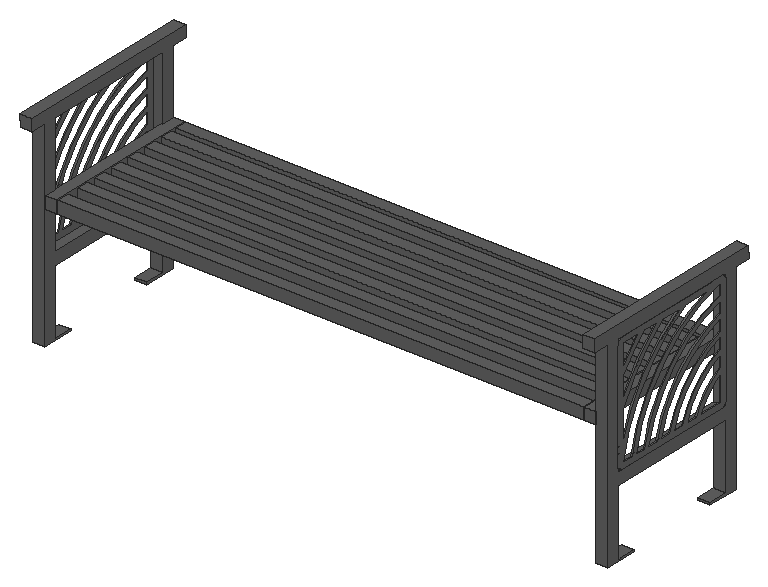
Revit family
Parameters (values of type "JC1-1100")
  URL = "http://www.sitescapesonline.com/index.asp"
  Type Comments = "Backless Bench"
  Side Panel Width = Length  # 6' - 0"
  Seat Panel Width = if(1 = 1, Length - 0' 6", 1' 0")  # 5' - 6"
  Product Page URL = "http://www.sitescapesonline.com/jordancreek-JC1-1100.asp"
  Product Documentation Link = "http://www.sitescapesonline.com/PDF/JC1-1100%20-%20Customer%20Print.pdf"
  Panel Seat Width = if(1 = 1, Length - 0' 6", 1' 0")  # 5' - 6"
  Panel Back Width = 5' - 7"
  Model = "JC1-1100"
  Manufacturer = "SiteScapes Inc."  # constant formula
  Length = 6' - 0"
  Height = 2' - 2 1/2"  # constant formula
  Frame Width = 5' - 9"
  Bench Material = Steel - SiteScapes - Powder Coat - Onyx
  Description = "Jordan Creek Pattern, Backless Bench, Six foot length, Steel Bar Ends"
  Depth = 2' - 0"  # constant formula
  Copyright © = "2010 SiteScapes Inc."  # constant formula
  Assembly Code = ""
  03 Seat Panel = Panel-Seat-SiteScapes-Square Tube : Square_Tube_Seat-6ft
Reference planes (in)
  plane 1 "Center Front/Back": y = 0
  plane 2 "Original Bottom": z = 0
  plane 3 "Center Left/Right": x = 0
  plane 4 "Left": x = -36
  plane 5 "Right": x = 36
  plane 6 "Side Panel Width L": x = -34.5
  plane 7 "Side Panel Width R": x = 34.5
  plane 8 "Front": y = -24
  plane 9 "Frame Side Origin F/B": y = 0
  plane 10 "Frame Side Origin T/B": z = 0
  plane 11 "Frame Back Origin F/B": y = 0
  plane 12 "Frame Back Origin T/B": z = 0
  plane 13 "Bracing Origin F/B": y = -22.0625
  plane 14 "Bracing Origin T/B": z = 17
  plane 15 "Panel Seat Origin F/B": y = -22
  plane 16 "Panel Seat Origin T/B": z = 17
  plane 17 "Panel Back Origin F/B": y = 0
  plane 18 "Panel Back Origin T/B": z = 0
  plane 19 "Panel Side Origin F/B": y = -3.5
  plane 20 "Panel Side Origin T/B": z = 10
  plane 21 "Top": z = 26.5
  plane 22 "Side Panel Right": x = 36
  plane 23 "Side Panel Left": x = -36
  plane 24 "Arm Rest Origin T/B": z = 0
  plane 25 "Arm Rest Origin F/B": y = -4.75
Dimensions and locks (in)
  equal spacing: plane 4 "Left", plane 3 "Center Left/Right", plane 5 "Right"
  "Length": plane 4 "Left" to plane 5 "Right"
  locked: plane 23 "Side Panel Left" to plane 6 "Side Panel Width L" at 1.5
  locked: plane 7 "Side Panel Width R" to plane 22 "Side Panel Right" at 1.5
  locked: plane 9 "Frame Side Origin F/B" to plane 1 "Center Front/Back" at 0
  locked: plane 17 "Panel Back Origin F/B" to plane 1 "Center Front/Back"
  locked: plane 11 "Frame Back Origin F/B" to plane 1 "Center Front/Back"
  locked: plane 19 "Panel Side Origin F/B" to plane 1 "Center Front/Back" at 3.5
  locked: plane 13 "Bracing Origin F/B" to plane 1 "Center Front/Back" at 22.0625
  locked: plane 15 "Panel Seat Origin F/B" to plane 1 "Center Front/Back" at 22
  "Depth": plane 8 "Front" to plane 1 "Center Front/Back"
  locked: plane 10 "Frame Side Origin T/B" to plane 2 "Original Bottom"
  locked: plane 12 "Frame Back Origin T/B" to plane 2 "Original Bottom"
  locked: plane 18 "Panel Back Origin T/B" to plane 2 "Original Bottom"
  locked: plane 14 "Bracing Origin T/B" to plane 2 "Original Bottom" at 17
  locked: plane 20 "Panel Side Origin T/B" to plane 2 "Original Bottom" at 10
  locked: plane 16 "Panel Seat Origin T/B" to plane 2 "Original Bottom" at 17
  "Height": plane 21 "Top" to plane 2 "Original Bottom"
  "Side Panel Width": plane 23 "Side Panel Left" to plane 22 "Side Panel Right"
  locked: plane 24 "Arm Rest Origin T/B" to plane 2 "Original Bottom"
  aligned and locked: level to plane 2 "Original Bottom"
  aligned: nested 1 to plane 5 "Right"
  aligned: plane 4 "Left" to nested 2
  aligned: nested 1 to plane 10 "Frame Side Origin T/B"
  aligned: nested 1 to plane 9 "Frame Side Origin F/B"
  aligned: plane 10 "Frame Side Origin T/B" to nested 1
  aligned and locked: nested 1 to plane 22 "Side Panel Right"
  aligned and locked: plane 23 "Side Panel Left" to nested 2
  aligned and locked: plane 20 "Panel Side Origin T/B" to nested 3
  aligned and locked: nested 3 to plane 19 "Panel Side Origin F/B"
  aligned and locked: nested 4 to plane 19 "Panel Side Origin F/B"
  aligned and locked: plane 20 "Panel Side Origin T/B" to nested 4
  aligned and locked: plane 23 "Side Panel Left" to nested 4
  aligned and locked: nested 3 to plane 22 "Side Panel Right"
  aligned and locked: plane 10 "Frame Side Origin T/B" to nested 2
  aligned and locked: nested 1 to plane 9 "Frame Side Origin F/B"
  aligned and locked: plane 10 "Frame Side Origin T/B" to nested 1
  aligned and locked: nested 2 to plane 9 "Frame Side Origin F/B"
  aligned and locked: plane 23 "Side Panel Left" to plane 4 "Left"
  aligned and locked: plane 3 "Center Left/Right" to nested 5
  aligned and locked: plane 16 "Panel Seat Origin T/B" to nested 5
  aligned and locked: nested 5 to plane 15 "Panel Seat Origin F/B"
Nested families (in)
  nested 1: "Frame-Side-SiteScapes-Backless_Wall_Steel_Tubing" at (35.25, 0, 0), type "24"x26 1/2""
    with Width 0' - 1 1/2"
  nested 2: "Frame-Side-SiteScapes-Backless_Wall_Steel_Tubing" at (-35.25, 0, 0), type "24"x26 1/2""
    with Width 0' - 1 1/2"
  nested 3: "Panel-Side-SiteScapes-Backless_Steel_Sheet_Metal_JC" at (35.90625, -3.5, 10), type "1' 8 3/4"x9 1/4""
  nested 4: "Panel-Side-SiteScapes-Backless_Steel_Sheet_Metal_JC" at (-35.90625, -3.5, 10), type "1' 8 3/4"x9 1/4""
  nested 5: "Panel-Seat-SiteScapes-Square Tube" at (0, -1.93572, 15.5), type <- "03 Seat Panel", type "Square_Tube_Seat-6ft"
    with Has Support Bars yes
Definition of nested family "Frame-Side-SiteScapes-Backless_Wall_Steel_Tubing"
  Parameters (values of type "24"x26 1/2"")
    Width = 0' - 1"
    URL = "http://www.sitescapesonline.com/index.asp"
    Product Page URL = ""
    Product Documentation Link = ""
    Material = none
    Manufacturer = "SiteScapes Inc."  # constant formula
    Legs Inset = 0' - 2"
    Frame Back Height = 2' - 9 7/8"
    Depth = 2' - 0"
    Copyright © = "2010 SiteScapes Inc."  # constant formula
    Bracing Height Inset = 0' - 10"
    Arm Rest Height = 2' - 2 1/2"
  Reference planes (in)
    plane 1 "Center (Front/Back)": y = 0
    plane 2 "Original Bottom": z = 0
    plane 3 "Center (Left/Right)": x = 0
    plane 4 "Left": x = -0.5
    plane 5 "Right": x = 0.5
    plane 6 "Right Offset": x = 0.75
    plane 7 "Left Offset": x = -0.75
    plane 8 "Bottom Base": z = 0.25
    plane 9 "Back Inset": y = -2
    plane 10 "Front": y = -24
    plane 11 "Front Inset": y = -22
    plane 12: z = 26.5
    plane 13: z = 10
    plane 14 "Leg Width Right": y = -3.5
    plane 15 "Leg Width Left": y = -20.5
    plane 16 "Frame Width Top": z = 25
    plane 17 "Bracing Width Bottom": z = 8.5
    plane 18 "Base Left": y = -18
    plane 19 "Base Rigght": y = -6
  Forms (in)
    Sweep 1, solid, material <- "Material", detail levels medium+fine
      path origin (0, 0, 0) x (1, 0, 0) y (0, 0, 1)
        loop
          line (0.5, 33.875) -> (-0.5, 33.875)
      profile origin (0, 0, 33.875) x (0, 0, -1) y (0, -1, 0)
        loop
          line (7.375, 0) -> (8.875, 0) -> (8.875, 2) -> (33.625, 2) -> (33.875, 2) -> (33.875, 6) -> (33.625, 6) -> (33.625, 3.5) -> (25.375, 3.5) -> (25.375, 20.5) -> (33.625, 20.5) -> (33.625, 18) -> (33.875, 18) -> (33.875, 22) -> (33.625, 22) -> (8.875, 22) -> (8.875, 24) -> (7.375, 24) -> (7.375, 0)
        loop
          line (23.875, 3.5) -> (23.875, 20.5) -> (8.875, 20.5) -> (8.875, 3.5) -> (23.875, 3.5)
  Lines and regions (in)
    Masking region 1, detail levels medium+fine
      outline origin (0, -27.75, 0) x (-1, 0, 0) y (0, 0, 1)
        loop
          line (0.5, 0) -> (0.5, 26.5) -> (-0.5, 26.5) -> (-0.5, 0) -> (0.5, 0)
    Masking region 2, detail levels medium+fine
      outline origin (0, 0, 0) x (0, 1, 0) y (0, 0, 1)
        loop
          line (-2, 0) -> (-2, 25) -> (0, 25) -> (0, 26.5) -> (-24, 26.5) -> (-24, 26.25) -> (-24, 25.25) -> (-24, 25) -> (-22, 25) -> (-22, 0) -> (-18, 0) -> (-18, 0.25) -> (-20.5, 0.25) -> (-20.5, 8.5) -> (-3.5, 8.5) -> (-3.5, 0.25) -> (-6, 0.25) -> (-6, 0) -> (-2, 0)
        loop
          line (-20.5, 25) -> (-20.5, 10) -> (-3.5, 10) -> (-3.5, 25) -> (-20.5, 25)
    Masking region 3, detail levels medium+fine
      outline origin (0, 0, 0) x (1, 0, 0) y (0, 1, 0)
        loop
          line (-0.5, 0) -> (-0.5, -24) -> (0.5, -24) -> (0.5, 0) -> (-0.5, 0)
    model lines, style "Bench Frame", detail levels coarse
      curve 1: line (0, -22, 26.5) -> (0, -22, 0)
      curve 2: line (0, -2, 0) -> (0, -2, 26.5)
      curve 3: line (0, -24, 26.5) -> (0, 0, 26.5)
      curve 4: line (0, -2, 10) -> (0, -22, 10)
  Dimensions and locks (in)
    equal spacing: plane 4 "Left", plane 3 "Center (Left/Right)", plane 5 "Right"
    "Width": plane 4 "Left" to plane 5 "Right"
    locked: plane 5 "Right" to plane 6 "Right Offset" at 0.25
    locked: plane 7 "Left Offset" to plane 4 "Left" at 0.25
    locked: plane 8 "Bottom Base" to plane 2 "Original Bottom" at 0.25
    "Arm Rest Height": plane 12 to plane 2 "Original Bottom"
    "Bracing Height Inset": plane 13 to plane 2 "Original Bottom"
    "Legs Inset": plane 10 "Front" to plane 11 "Front Inset"
    "Legs Inset": plane 9 "Back Inset" to plane 1 "Center (Front/Back)"
    "Depth": plane 10 "Front" to plane 1 "Center (Front/Back)"
    locked: plane 14 "Leg Width Right" to plane 9 "Back Inset" at 1.5
    locked: plane 11 "Front Inset" to plane 15 "Leg Width Left" at 1.5
    locked: plane 12 to plane 16 "Frame Width Top" at 1.5
    locked: plane 13 to plane 17 "Bracing Width Bottom" at 1.5
    locked: plane 11 "Front Inset" to plane 18 "Base Left" at 4
    locked: plane 19 "Base Rigght" to plane 9 "Back Inset" at 4
    aligned and locked: plane 2 "Original Bottom" to level
    aligned and locked: plane 5 "Right" to Sweep 1 sketch curve
    aligned and locked: plane 4 "Left" to Sweep 1 sketch curve
    aligned: Masking region 1 to plane 6 "Right Offset"  (x2)
    aligned: Masking region 1 to plane 7 "Left Offset"  (x2)
    aligned and locked: Masking region 1 to plane 5 "Right"
    aligned and locked: Masking region 1 to plane 4 "Left"
    aligned and locked: level to Masking region 1
    aligned: Masking region 1 to Sweep 1  (x3)
    aligned: Masking region 1 to plane 8 "Bottom Base"  (x2)
    aligned: Sweep 1 to plane 9 "Back Inset"
    aligned: Sweep 1 to plane 1 "Center (Front/Back)"
    aligned: Sweep 1 to plane 10 "Front"
    aligned: Masking region 2 to plane 9 "Back Inset"
    aligned: Masking region 2 to plane 1 "Center (Front/Back)"
    aligned: plane 11 "Front Inset" to Sweep 1
    aligned: Sweep 1 to Masking region 2  (x3)
    aligned: Masking region 2 to Sweep 1  (x6)
    aligned: Masking region 2 to plane 10 "Front"
    aligned: plane 8 "Bottom Base" to Masking region 2
    aligned: plane 11 "Front Inset" to Masking region 2
    aligned: Masking region 2 to level  (x2)
    aligned: Masking region 3 to Sweep 1  (x2)
    aligned and locked: Masking region 3 to Sweep 1
    aligned and locked: plane 12 to Sweep 1
    aligned and locked: plane 13 to Sweep 1
    aligned and locked: Masking region 1 to plane 12
    aligned and locked: plane 13 to curve 4
    aligned and locked: Masking region 2 sketch curve to plane 14 "Leg Width Right"  (x2)
    aligned and locked: plane 9 "Back Inset" to Masking region 2 sketch curve
    aligned and locked: Masking region 2 sketch curve to plane 1 "Center (Front/Back)"
    aligned and locked: plane 15 "Leg Width Left" to Masking region 2 sketch curve  (x2)
    aligned and locked: Masking region 2 sketch curve to plane 11 "Front Inset"
    aligned and locked: Masking region 2 sketch curve to plane 10 "Front"
    aligned and locked: plane 8 "Bottom Base" to Masking region 2 sketch curve  (x2)
    aligned and locked: Masking region 2 sketch curve to plane 2 "Original Bottom"  (x2)
    aligned and locked: plane 13 to Masking region 2 sketch curve
    aligned and locked: plane 12 to Masking region 2 sketch curve
    aligned and locked: Masking region 2 sketch curve to plane 16 "Frame Width Top"  (x3)
    aligned and locked: plane 15 "Leg Width Left" to Sweep 1 sketch curve  (x2)
    aligned and locked: Sweep 1 sketch curve to plane 14 "Leg Width Right"
    aligned and locked: plane 14 "Leg Width Right" to Sweep 1 sketch curve
    aligned and locked: Sweep 1 sketch curve to plane 11 "Front Inset"
    aligned and locked: plane 9 "Back Inset" to Sweep 1 sketch curve
    aligned and locked: plane 1 "Center (Front/Back)" to Sweep 1 sketch curve
    aligned and locked: plane 12 to Sweep 1 sketch curve
    aligned and locked: plane 16 "Frame Width Top" to Sweep 1 sketch curve
    aligned and locked: Sweep 1 sketch curve to plane 16 "Frame Width Top"
    aligned and locked: plane 10 "Front" to Sweep 1 sketch curve
    aligned and locked: Sweep 1 sketch curve to plane 2 "Original Bottom"
    aligned and locked: plane 8 "Bottom Base" to Sweep 1 sketch curve
    aligned and locked: plane 13 to Sweep 1 sketch curve
    aligned and locked: curve 3 to plane 12
    aligned and locked: plane 9 "Back Inset" to curve 2
    aligned and locked: curve 1 to plane 11 "Front Inset"
    aligned and locked: plane 18 "Base Left" to Masking region 2 sketch curve
    aligned and locked: Masking region 2 sketch curve to plane 19 "Base Rigght"
    aligned and locked: Sweep 1 sketch curve to plane 19 "Base Rigght"
    aligned and locked: plane 18 "Base Left" to Sweep 1 sketch curve
    aligned and locked: Sweep 1 sketch curve to plane 17 "Bracing Width Bottom"
    aligned and locked: plane 10 "Front" to curve 3
    aligned and locked: plane 1 "Center (Front/Back)" to curve 3
    aligned and locked: plane 5 "Right" to Masking region 1 sketch curve
    aligned and locked: plane 4 "Left" to Masking region 1 sketch curve
    aligned and locked: Masking region 1 sketch curve to plane 12
    aligned and locked: Masking region 1 sketch curve to plane 2 "Original Bottom"
    aligned and locked: plane 1 "Center (Front/Back)" to Masking region 3 sketch curve
    aligned and locked: plane 10 "Front" to Masking region 3 sketch curve
    aligned and locked: Masking region 3 sketch curve to plane 4 "Left"
    aligned and locked: Masking region 3 sketch curve to plane 5 "Right"
  Automatic sketch dimensions
    plane 12 to Sweep 1 sketch curve = 0' - 7 3/8"
    Masking region 2 sketch curve to plane 13 = 0' - 1 1/2"
    plane 16 "Frame Width Top" to Masking region 2 sketch curve = 0' - 0 1/4"
    Masking region 2 sketch curve to plane 12 = 0' - 0 1/4"
    Sweep 1 sketch curve to Sweep 1 sketch curve = 0' - 0"  (x3)
    Sweep 1 sketch curve to Sweep 1 sketch curve = 0' - 8 1/4"
    Sweep 1 sketch curve to Sweep 1 sketch curve = 0' - 0 1/4"
    curve 2 to level = 0' - 0"
    curve 1 to level = 0' - 0"
Definition of nested family "Panel-Side-SiteScapes-Backless_Steel_Sheet_Metal_JC"
  Parameters (values of type "1' 8 3/4"x9 1/4"")
    URL = "http://www.sitescapesonline.com/index.asp"
    Thickness = 0' - 0 3/16"
    Product Page URL = ""
    Product Documentation Link = ""
    Material = Steel - SiteScapes - Powder Coat - Black
    Manufacturer = "SiteScapes Inc."  # constant formula
    Height = 1' - 2.88"
    Depth = 1' - 4.88"
    Copyright © = "2010 SiteScapes Inc."  # constant formula
    Assembly Code = ""
  Reference planes (in)
    plane 1 "Center (Front/Back)": y = 0
    plane 2 "Original Bottom": z = 0
    plane 3 "Center (Left/Right)": x = 0
    plane 4 "Left": x = -0.09375
    plane 5 "Right": x = 0.09375
    plane 6 "Front": y = -16.88
    plane 7 "Front Inset": y = -16.13
    plane 8 "Back Inset": y = -0.75
    plane 9 "Top Inset": z = 8.5
    plane 10 "Top": z = 14.88
    plane 11 "Inset": z = 14.16875
    plane 12 "Bottom Inset": z = 0.71125
  Forms (in)
    Sweep 1, solid, material "Steel - SiteScapes - Powder Coat - Black" <- "Material", detail levels medium+fine
      path origin (0, 0, 0) x (1, 0, 0) y (0, 0, 1)
        loop
          line (0.09375, 9.25) -> (-0.09375, 9.25)
      profile origin (0, 0, 9.25) x (0, 0, -1) y (0, -1, 0)
        loop
          line (-5.37993, 14.85003) -> (-5.63, 14.85003) -> (-5.63, 14.10003) -> (-5.37998, 14.10003)
          arc (-5.37998, 14.10003) -> (-5.36491, 14.085) -> (-5.37998, 14.06997) r 0.01503
          line (-5.37998, 14.06997) -> (-5.63, 14.06997) -> (-5.63, 2.25644) -> (-5.37994, 2.25644)
          arc (-5.37994, 2.25644) -> (-5.36491, 2.24141) -> (-5.37994, 2.22638) r 0.01503
          line (-5.37994, 2.22638) -> (-5.63, 2.22638) -> (-5.63, 1.47638) -> (-5.37989, 1.47638)
          arc (-5.37989, 1.47638) -> (-5.36486, 1.46129) -> (-5.38001, 1.44632) r 0.01503
          line (-5.38001, 1.44632) -> (-5.63, 1.44632) -> (-5.63, 0.41795) -> (-5.13193, 0.00003) -> (0.94817, 0.00003) -> (0.94817, 0.25009)
          arc (0.94817, 0.25009) -> (0.9632, 0.26512) -> (0.97823, 0.25009) r 0.01503
          line (0.97823, 0.25009) -> (0.97823, 0.00003) -> (1.72823, 0.00003) -> (1.72823, 0.25009)
          arc (1.72823, 0.25009) -> (1.74328, 0.26512) -> (1.75829, 0.25005) r 0.01503
          line (1.75829, 0.25005) -> (1.75829, 0.00003) -> (6.43994, 0.00003) -> (6.43994, 0.25009)
          arc (6.43994, 0.25009) -> (6.45497, 0.26512) -> (6.47, 0.25009) r 0.01503
          line (6.47, 0.25009) -> (6.47, 0.00003) -> (7.22, 0.00003) -> (7.22, 0.25009)
          arc (7.22, 0.25009) -> (7.23506, 0.26512) -> (7.25006, 0.25002) r 0.01503
          line (7.25006, 0.25002) -> (7.25006, 0.00003) -> (8.75, 0.00003) -> (9.25, 0.50003) -> (9.25, 1.99997) -> (8.99994, 1.99997)
          arc (8.99994, 1.99997) -> (8.98491, 2.015) -> (8.99994, 2.03003) r 0.01503
          line (8.99994, 2.03003) -> (9.25, 2.03003) -> (9.25, 2.78003) -> (8.99997, 2.78003)
          arc (8.99997, 2.78003) -> (8.98494, 2.79506) -> (8.99997, 2.81009) r 0.01503
          line (8.99997, 2.81009) -> (9.25, 2.81009) -> (9.25, 14.06997) -> (8.99998, 14.06997)
          arc (8.99998, 14.06997) -> (8.98495, 14.085) -> (8.99998, 14.10003) r 0.01503
          line (8.99998, 14.10003) -> (9.25, 14.10003) -> (9.25, 14.85003) -> (8.99995, 14.85003)
          arc (8.99995, 14.85003) -> (8.98492, 14.86506) -> (8.99995, 14.88009) r 0.01503
          line (8.99995, 14.88009) -> (9.25, 14.88009) -> (9.25, 16.38003) -> (8.75, 16.88003) -> (7.25006, 16.88003) -> (7.25006, 16.62996)
          arc (7.25006, 16.62996) -> (7.23503, 16.61493) -> (7.22, 16.62996) r 0.01503
          line (7.22, 16.62996) -> (7.22, 16.88003) -> (6.47, 16.88003) -> (6.47, 16.62995)
          arc (6.47, 16.62995) -> (6.45498, 16.61492) -> (6.43994, 16.62992) r 0.01503
          line (6.43994, 16.62992) -> (6.43994, 16.88003) -> (-2.81994, 16.88003) -> (-2.81994, 16.62996)
          arc (-2.81994, 16.62996) -> (-2.83497, 16.61493) -> (-2.85, 16.62996) r 0.01503
          line (-2.85, 16.62996) -> (-2.85, 16.88003) -> (-3.6, 16.88003) -> (-3.6, 16.62995)
          arc (-3.6, 16.62995) -> (-3.61501, 16.61492) -> (-3.63006, 16.62992) r 0.01503
          line (-3.63006, 16.62992) -> (-3.63006, 16.88003) -> (-5.13, 16.88003) -> (-5.63, 16.38003) -> (-5.63, 14.88009) -> (-5.37993, 14.88009)
          arc (-5.37993, 14.88009) -> (-5.3649, 14.86506) -> (-5.37993, 14.85003) r 0.01503
        loop
          arc (-4.91875, 13.58434) -> (-3.52193, 14.91662) -> (-2.02069, 16.13003) r 23.55063
          line (-2.02069, 16.13003) -> (-4.91875, 16.13003) -> (-4.91875, 13.58434)
        loop
          arc (-4.91875, 10.67059) -> (-1.96918, 13.71736) -> (1.51819, 16.13003) r 21.62812
          line (1.51819, 16.13003) -> (-1.19873, 16.13003)
          arc (-1.19873, 16.13003) -> (-3.1458, 14.60712) -> (-4.91875, 12.88463) r 23.07
          line (-4.91875, 12.88463) -> (-4.91875, 10.67059)
        loop
          arc (-4.91875, 7.29147) -> (-0.06269, 12.78923) -> (6.46768, 16.13003) r 19.70563
          line (6.46768, 16.13003) -> (2.54741, 16.13003)
          arc (2.54741, 16.13003) -> (-1.55002, 13.44204) -> (-4.91875, 9.88313) r 21.1475
          line (-4.91875, 9.88313) -> (-4.91875, 7.29147)
        loop
          arc (-4.91875, 2.6362) -> (0.17108, 10.4831) -> (8.53875, 14.66189) r 17.78312
          line (8.53875, 14.66189) -> (8.53875, 16.13003)
          arc (8.53875, 16.13003) -> (0.69184, 12.75559) -> (-4.91875, 6.31493) r 19.225
          line (-4.91875, 6.31493) -> (-4.91875, 2.6362)
        loop
          arc (-3.44303, 0.75003) -> (0.82176, 8.45453) -> (8.53875, 12.69669) r 15.86063
          line (8.53875, 12.69669) -> (8.53875, 14.17151)
          arc (8.53875, 14.17151) -> (-0.19787, 9.47403) -> (-4.91875, 0.75003) r 17.3025
          line (-4.91875, 0.75003) -> (-3.44303, 0.75003)
        loop
          arc (-1.46403, 0.75003) -> (2.1813, 7.09524) -> (8.53875, 10.71919) r 13.93813
          line (8.53875, 10.71919) -> (8.53875, 12.20366)
          arc (8.53875, 12.20366) -> (1.16164, 8.11471) -> (-2.94966, 0.75003) r 15.38
          line (-2.94966, 0.75003) -> (-1.46403, 0.75003)
        loop
          arc (0.53415, 0.75003) -> (3.54091, 5.73603) -> (8.53875, 8.72306) r 12.01563
          line (8.53875, 8.72306) -> (8.53875, 10.22224)
          arc (8.53875, 10.22224) -> (2.52119, 6.75543) -> (-0.96663, 0.75003) r 13.4575
          line (-0.96663, 0.75003) -> (0.53415, 0.75003)
        loop
          arc (2.56366, 0.75003) -> (4.90066, 4.37695) -> (8.53875, 6.69652) r 10.09312
          line (8.53875, 6.69652) -> (8.53875, 8.21993)
          arc (8.53875, 8.21993) -> (3.88083, 5.39624) -> (1.03792, 0.75003) r 11.535
          line (1.03792, 0.75003) -> (2.56366, 0.75003)
        loop
          arc (4.65032, 0.75003) -> (6.26074, 3.01818) -> (8.53875, 4.61461) r 8.17063
          line (8.53875, 4.61461) -> (8.53875, 6.18273)
          arc (8.53875, 6.18273) -> (5.24064, 4.03721) -> (3.07842, 0.75003) r 9.6125
          line (3.07842, 0.75003) -> (4.65032, 0.75003)
        loop
          line (5.18702, 0.75003) -> (8.53875, 0.75003) -> (8.53875, 4.0796)
          arc (8.53875, 4.0796) -> (6.60086, 2.67859) -> (5.18702, 0.75003) r 7.69
  Lines and regions (in)
    Masking region 1, detail levels medium+fine
      outline origin (0, 0, 8.5) x (0, -1, 0) y (1, 0, 0)
        loop
          line (0, -0.09375) -> (16.88, -0.09375) -> (16.88, 0.09375) -> (0, 0.09375) -> (0, -0.09375)
    Masking region 2, detail levels medium+fine
      outline origin (0, 0, 0) x (1, 0, 0) y (0, 0, 1)
        loop
          line (-0.09375, 9.25) -> (-0.09375, 0) -> (0.09375, 0) -> (0.09375, 9.25) -> (-0.09375, 9.25)
    Masking region 3, detail levels medium+fine
      outline origin (0, -16.88, 0) x (-1, 0, 0) y (0, 0, 1)
        loop
          line (0.09375, 8.5) -> (-0.09375, 8.5) -> (-0.09375, 0) -> (0.09375, 0) -> (0.09375, 8.5)
        loop
          line (0.09375, 14.88) -> (-0.09375, 14.88) -> (-0.09375, 9.25) -> (0.09375, 9.25) -> (0.09375, 14.88)
        loop
          line (0.09375, 9.20224) -> (-0.09375, 9.20224) -> (-0.09375, 8.55177) -> (0.09375, 8.55177) -> (0.09375, 9.20224)
    Masking region 4, detail levels medium+fine
      outline origin (0, 0, 0) x (0, 1, 0) y (0, 0, 1)
        loop
          line (-0.00003, 2.81006) -> (-0.00003, 7.49171) -> (-0.25005, 7.49171)
          arc (-0.25005, 7.49171) -> (-0.26512, 7.50672) -> (-0.25009, 7.52177) r 0.01503
          line (-0.25009, 7.52177) -> (-0.00003, 7.52177) -> (-0.00003, 8.27177) -> (-0.25009, 8.27177)
          arc (-0.25009, 8.27177) -> (-0.26512, 8.2868) -> (-0.25009, 8.30183) r 0.01503
          line (-0.25009, 8.30183) -> (-0.00003, 8.30183) -> (-0.00003, 14.38193) -> (-0.41795, 14.88) -> (-1.44632, 14.88) -> (-1.44632, 14.63001)
          arc (-1.44632, 14.63001) -> (-1.46129, 14.61486) -> (-1.47638, 14.62989) r 0.01503
          line (-1.47638, 14.62989) -> (-1.47638, 14.88) -> (-2.22638, 14.88) -> (-2.22638, 14.62994)
          arc (-2.22638, 14.62994) -> (-2.24141, 14.61491) -> (-2.25644, 14.62994) r 0.01503
          line (-2.25644, 14.62994) -> (-2.25644, 14.88) -> (-14.06997, 14.88) -> (-14.06997, 14.62998)
          arc (-14.06997, 14.62998) -> (-14.085, 14.61491) -> (-14.10003, 14.62998) r 0.01503
          line (-14.10003, 14.62998) -> (-14.10003, 14.88) -> (-14.85003, 14.88) -> (-14.85003, 14.62993)
          arc (-14.85003, 14.62993) -> (-14.86506, 14.6149) -> (-14.88009, 14.62993) r 0.01503
          line (-14.88009, 14.62993) -> (-14.88009, 14.88) -> (-16.38003, 14.88) -> (-16.88003, 14.38) -> (-16.88003, 12.88006) -> (-16.62992, 12.88006)
          arc (-16.62992, 12.88006) -> (-16.61492, 12.86501) -> (-16.62995, 12.85) r 0.01503
          line (-16.62995, 12.85) -> (-16.88003, 12.85) -> (-16.88003, 12.1) -> (-16.62996, 12.1)
          arc (-16.62996, 12.1) -> (-16.61493, 12.08497) -> (-16.62996, 12.06994) r 0.01503
          line (-16.62996, 12.06994) -> (-16.88003, 12.06994) -> (-16.88003, 2.81006) -> (-16.62992, 2.81006)
          arc (-16.62992, 2.81006) -> (-16.61492, 2.79502) -> (-16.62995, 2.78) r 0.01503
          line (-16.62995, 2.78) -> (-16.88003, 2.78) -> (-16.88003, 2.03) -> (-16.62996, 2.03)
          arc (-16.62996, 2.03) -> (-16.61493, 2.01497) -> (-16.62996, 1.99994) r 0.01503
          line (-16.62996, 1.99994) -> (-16.88003, 1.99994) -> (-16.88003, 0.5) -> (-16.38003, 0) -> (-14.88009, 0) -> (-14.88009, 0.25005)
          arc (-14.88009, 0.25005) -> (-14.86506, 0.26508) -> (-14.85003, 0.25005) r 0.01503
          line (-14.85003, 0.25005) -> (-14.85003, 0) -> (-14.10003, 0) -> (-14.10003, 0.25002)
          arc (-14.10003, 0.25002) -> (-14.085, 0.26505) -> (-14.06997, 0.25002) r 0.01503
          line (-14.06997, 0.25002) -> (-14.06997, 0) -> (-2.81009, 0) -> (-2.81009, 0.25003)
          arc (-2.81009, 0.25003) -> (-2.79506, 0.26506) -> (-2.78003, 0.25003) r 0.01503
          line (-2.78003, 0.25003) -> (-2.78003, 0) -> (-2.03003, 0) -> (-2.03003, 0.25006)
          arc (-2.03003, 0.25006) -> (-2.015, 0.26509) -> (-1.99997, 0.25006) r 0.01503
          line (-1.99997, 0.25006) -> (-1.99997, 0) -> (-0.50003, 0) -> (-0.00003, 0.5) -> (-0.00003, 1.99994) -> (-0.25002, 1.99994)
          arc (-0.25002, 1.99994) -> (-0.26512, 2.01494) -> (-0.25009, 2.03) r 0.01503
          line (-0.25009, 2.03) -> (-0.00003, 2.03) -> (-0.00003, 2.78) -> (-0.25009, 2.78)
          arc (-0.25009, 2.78) -> (-0.26512, 2.79503) -> (-0.25009, 2.81006) r 0.01503
          line (-0.25009, 2.81006) -> (-0.00003, 2.81006)
        loop
          line (-13.58434, 14.16875) -> (-16.13003, 14.16875) -> (-16.13003, 11.27069)
          arc (-16.13003, 11.27069) -> (-14.91662, 12.77193) -> (-13.58434, 14.16875) r 23.55063
        loop
          line (-16.13003, 10.44873) -> (-16.13003, 7.73181)
          arc (-16.13003, 7.73181) -> (-13.71736, 11.21918) -> (-10.67059, 14.16875) r 21.62812
          line (-10.67059, 14.16875) -> (-12.88463, 14.16875)
          arc (-12.88463, 14.16875) -> (-14.60712, 12.3958) -> (-16.13003, 10.44873) r 23.07
        loop
          line (-16.13003, 6.70259) -> (-16.13003, 2.78232)
          arc (-16.13003, 2.78232) -> (-12.78923, 9.31269) -> (-7.29147, 14.16875) r 19.70563
          line (-7.29147, 14.16875) -> (-9.88313, 14.16875)
          arc (-9.88313, 14.16875) -> (-13.44204, 10.80002) -> (-16.13003, 6.70259) r 21.1475
        loop
          line (-16.13003, 0.71125) -> (-14.66189, 0.71125)
          arc (-14.66189, 0.71125) -> (-10.4831, 9.07892) -> (-2.6362, 14.16875) r 17.78312
          line (-2.6362, 14.16875) -> (-6.31493, 14.16875)
          arc (-6.31493, 14.16875) -> (-12.75559, 8.55816) -> (-16.13003, 0.71125) r 19.225
        loop
          line (-14.17151, 0.71125) -> (-12.69669, 0.71125)
          arc (-12.69669, 0.71125) -> (-8.45453, 8.42824) -> (-0.75003, 12.69303) r 15.86063
          line (-0.75003, 12.69303) -> (-0.75003, 14.16875)
          arc (-0.75003, 14.16875) -> (-9.47403, 9.44787) -> (-14.17151, 0.71125) r 17.3025
        loop
          line (-12.20366, 0.71125) -> (-10.71919, 0.71125)
          arc (-10.71919, 0.71125) -> (-7.09524, 7.0687) -> (-0.75003, 10.71403) r 13.93813
          line (-0.75003, 10.71403) -> (-0.75003, 12.19966)
          arc (-0.75003, 12.19966) -> (-8.11471, 8.08836) -> (-12.20366, 0.71125) r 15.38
        loop
          line (-0.75003, 8.71585) -> (-0.75003, 10.21663)
          arc (-0.75003, 10.21663) -> (-6.75543, 6.72881) -> (-10.22224, 0.71125) r 13.4575
          line (-10.22224, 0.71125) -> (-8.72306, 0.71125)
          arc (-8.72306, 0.71125) -> (-5.73603, 5.70909) -> (-0.75003, 8.71585) r 12.01563
        loop
          line (-0.75003, 6.68634) -> (-0.75003, 8.21208)
          arc (-0.75003, 8.21208) -> (-5.39624, 5.36917) -> (-8.21993, 0.71125) r 11.535
          line (-8.21993, 0.71125) -> (-6.69652, 0.71125)
          arc (-6.69652, 0.71125) -> (-4.37695, 4.34934) -> (-0.75003, 6.68634) r 10.09312
        loop
          line (-0.75003, 4.59968) -> (-0.75003, 6.17158)
          arc (-0.75003, 6.17158) -> (-4.03721, 4.00936) -> (-6.18273, 0.71125) r 9.6125
          line (-6.18273, 0.71125) -> (-4.61461, 0.71125)
          arc (-4.61461, 0.71125) -> (-3.01818, 2.98926) -> (-0.75003, 4.59968) r 8.17063
        loop
          line (-4.0796, 0.71125) -> (-0.75003, 0.71125) -> (-0.75003, 4.06298)
          arc (-0.75003, 4.06298) -> (-2.67859, 2.64914) -> (-4.0796, 0.71125) r 7.69
    model lines, style "Bench Frame", detail levels coarse
      curve 1: line (0, -16.505, 0.35562) -> (0, -16.505, 14.52438)
      curve 2: line (0, -0.37503, 14.52438) -> (0, -16.505, 14.52438)
      curve 3: line (0, -0.37503, 0.35562) -> (0, -16.505, 0.35562)
      curve 4: line (0, -0.37503, 14.52438) -> (0, -0.37503, 0.35562)
      curve 5: arc (0, -16.505, 10.26471) -> (0, -14.83142, 12.50398) -> (0, -12.89928, 14.52438) r 23.07
      curve 6: arc (0, -16.505, 6.29153) -> (0, -13.73022, 10.82554) -> (0, -9.91246, 14.52438) r 21.1475
      curve 7: arc (0, -16.25373, 0.35562) -> (0, -13.00517, 8.60818) -> (0, -6.39786, 14.52438) r 19.225
      curve 8: arc (0, -14.30406, 0.35562) -> (0, -9.75009, 9.53182) -> (0, -0.80495, 14.52438) r 17.3025
      curve 9: arc (0, -12.34956, 0.35562) -> (0, -8.23141, 8.31591) -> (0, -0.37503, 12.62897) r 15.38
      curve 10: arc (0, -10.39031, 0.35562) -> (0, -6.87299, 6.95614) -> (0, -0.37503, 10.65948) r 13.4575
      curve 11: arc (0, -8.4184, 0.35562) -> (0, -5.51107, 5.6002) -> (0, -0.3639, 8.67668) r 11.535
      curve 12: arc (0, -6.42576, 0.35562) -> (0, -4.15822, 4.23526) -> (0, -0.37503, 6.66029) r 9.6125
      curve 13: arc (0, -4.39531, 0.35562) -> (0, -2.80366, 2.8727) -> (0, -0.37503, 4.5963) r 7.69
  Dimensions and locks (in)
    equal spacing: plane 4 "Left", plane 3 "Center (Left/Right)", plane 5 "Right"
    "Thickness": plane 4 "Left" to plane 5 "Right"
    "Depth": plane 6 "Front" to plane 1 "Center (Front/Back)"
    locked: plane 8 "Back Inset" to plane 1 "Center (Front/Back)" at 0.75
    locked: plane 6 "Front" to plane 7 "Front Inset" at 0.75
    "Height": plane 10 "Top" to plane 2 "Original Bottom"
    locked: plane 10 "Top" to plane 11 "Inset" at 0.71125
    locked: plane 12 "Bottom Inset" to plane 2 "Original Bottom" at 0.71125
    aligned and locked: plane 2 "Original Bottom" to level
    aligned and locked: plane 5 "Right" to Sweep 1 sketch curve
    aligned and locked: plane 4 "Left" to Sweep 1 sketch curve
    aligned and locked: plane 6 "Front" to Masking region 1 sketch curve
    aligned and locked: plane 1 "Center (Front/Back)" to Masking region 1 sketch curve
    aligned and locked: Masking region 1 sketch curve to plane 5 "Right"
    aligned and locked: Masking region 1 sketch curve to plane 4 "Left"
    aligned and locked: Masking region 2 sketch curve to plane 5 "Right"
    aligned and locked: Masking region 2 sketch curve to plane 4 "Left"
    aligned and locked: plane 2 "Original Bottom" to Masking region 2 sketch curve
    aligned: plane 7 "Front Inset" to Sweep 1
    aligned and locked: plane 10 "Top" to Sweep 1
    aligned: Sweep 1 to plane 11 "Inset"
    aligned and locked: plane 4 "Left" to Sweep 1
    aligned and locked: Sweep 1 to plane 5 "Right"
    aligned and locked: Masking region 3 sketch curve to Sweep 1  (x4)
    aligned and locked: plane 9 "Top Inset" to Masking region 3 sketch curve
    aligned and locked: Sweep 1 to Masking region 3 sketch curve
    aligned and locked: Masking region 3 sketch curve to Masking region 2  (x2)
    aligned and locked: plane 4 "Left" to Masking region 3 sketch curve
    aligned and locked: Masking region 4 sketch curve to Sweep 1  (x73)
    aligned and locked: Sweep 1 to Masking region 4 sketch curve
  Automatic sketch dimensions
    plane 9 "Top Inset" to Sweep 1 sketch curve = 0' - 0 3/4"
    plane 9 "Top Inset" to Masking region 2 sketch curve = 0' - 0 3/4"
    Masking region 3 sketch curve to Masking region 3 sketch curve = 0' - 0.04776"
    plane 6 "Front" to curve 1 = 0' - 0 3/8"
    curve 7 to plane 7 "Front Inset" = 0' - 0.12373"
    level to curve 8 = 0' - 0.35562"
    plane 7 "Front Inset" to curve 8 = 0' - 1.82595"
    curve 5 to plane 10 "Top" = 0' - 0.35562"
    plane 7 "Front Inset" to curve 5 = 0' - 3.23072"
    curve 8 to curve 9 = 0' - 1.9545"
    curve 9 to curve 10 = 0' - 1.95925"
    curve 5 to curve 6 = 0' - 2.98682"
    curve 10 to curve 11 = 0' - 1.97191"
    curve 11 to curve 12 = 0' - 1.99264"
    curve 6 to curve 7 = 0' - 3.5146"
    curve 12 to curve 13 = 0' - 2.03045"
    curve 8 to plane 8 "Back Inset" = 0' - 0.05495"
    plane 8 "Back Inset" to curve 12 = 0' - 0.37497"
    plane 9 "Top Inset" to curve 11 = 0' - 0.17668"
    plane 1 "Center (Front/Back)" to curve 11 = 0' - 0.3639"
    curve 9 to plane 1 "Center (Front/Back)" = 0' - 2.77707"
    curve 11 to curve 9 = 0' - 0"
    curve 10 to curve 9 = 0' - 0"
    curve 12 to curve 11 = 0' - 0"
    curve 7 to curve 12 = 0' - 0"
    curve 6 to curve 7 = 0' - 0"
    curve 13 to curve 12 = 0' - 0"
    curve 5 to curve 6 = 0' - 0"
    curve 8 to curve 5 = 0' - 0"
    curve 10 to curve 11 = 0' - 0.00122"
    curve 9 to curve 10 = 0' - 0.0009"
    curve 11 to curve 12 = 0' - 0.00174"
    curve 12 to curve 13 = 0' - 0.0027"
    curve 8 to curve 5 = 0' - 0.00203"
    curve 5 to curve 6 = 0' - 0.0084"
    Masking region 4 sketch curve to level = 0' - 0"  (x3)
    Masking region 4 sketch curve to plane 6 "Front" = 0' - 0.00003"  (x3)
    plane 6 "Front" to Masking region 4 sketch curve = 0' - 0.25004"
    plane 6 "Front" to Masking region 4 sketch curve = 0' - 0.25005"
    Masking region 4 sketch curve to Masking region 4 sketch curve = 0' - 0.00003"
    Masking region 4 sketch curve to plane 7 "Front Inset" = 0' - 0.25003"  (x2)
    Masking region 4 sketch curve to Masking region 4 sketch curve = 0' - 0.78006"
    Masking region 4 sketch curve to Masking region 4 sketch curve = 0' - 0.01503"  (x9)
    level to Masking region 4 sketch curve = 0' - 0.25003"
    Masking region 4 sketch curve to Masking region 4 sketch curve = 0' - 1 69/256"
    Masking region 4 sketch curve to Masking region 4 sketch curve = 0' - 0 3/4"
    plane 8 "Back Inset" to Masking region 4 sketch curve = 0' - 0 85/256"
    Masking region 4 sketch curve to Masking region 4 sketch curve = 0' - 0 1/4"
    level to Masking region 4 sketch curve = 0' - 0.25006"
    Masking region 4 sketch curve to plane 12 "Bottom Inset" = 0' - 0.21125"
    plane 11 "Inset" to Masking region 4 sketch curve = 0' - 0.21125"
    plane 11 "Inset" to Masking region 4 sketch curve = 0' - 0.21318"
    Masking region 4 sketch curve to Masking region 4 sketch curve = 0' - 0.25007"
    Masking region 4 sketch curve to plane 10 "Top" = 0' - 0.25006"  (x2)
    Masking region 4 sketch curve to Masking region 4 sketch curve = 0' - 0.00004"
    Sweep 1 sketch curve to Sweep 1 sketch curve = 0' - 0"  (x59)
    plane 1 "Center (Front/Back)" to Sweep 1 sketch curve = 0' - 0.00003"  (x5)
    plane 1 "Center (Front/Back)" to Sweep 1 sketch curve = 0' - 2.22638"
    profile plane to Sweep 1 sketch curve = 0' - 5.63"  (x2)
    Sweep 1 sketch curve to Sweep 1 sketch curve = 0' - 0 1/4"  (x7)
    Sweep 1 sketch curve to Sweep 1 sketch curve = 0' - 0.25006"  (x3)
    Sweep 1 sketch curve to Sweep 1 sketch curve = 0' - 0.00004"
    Sweep 1 sketch curve to Sweep 1 sketch curve = 0' - 0.25007"  (x2)
    Sweep 1 sketch curve to Sweep 1 sketch curve = 0' - 0.00012"
    Sweep 1 sketch curve to Sweep 1 sketch curve = 0' - 0.49807"
    Sweep 1 sketch curve to Sweep 1 sketch curve = 0' - 0 1/2"  (x2)
    Sweep 1 sketch curve to Sweep 1 sketch curve = 0' - 0.46124"
    Sweep 1 sketch curve to Sweep 1 sketch curve = 0' - 0.46119"  (x2)
    Sweep 1 sketch curve to Sweep 1 sketch curve = 0' - 0.21319"
    Sweep 1 sketch curve to Sweep 1 sketch curve = 0' - 1.28869"  (x3)
    Sweep 1 sketch curve to Sweep 1 sketch curve = 0' - 0.01503"  (x19)
    plane 1 "Center (Front/Back)" to Sweep 1 sketch curve = 0' - 0.75003"  (x4)
    Sweep 1 sketch curve to Sweep 1 sketch curve = 0' - 1.47571"
    Sweep 1 sketch curve to Sweep 1 sketch curve = 0' - 0.49337"
    Sweep 1 sketch curve to Sweep 1 sketch curve = 0' - 0 3/4"  (x6)
    Sweep 1 sketch curve to Sweep 1 sketch curve = 0' - 0.79925"
    profile plane to Sweep 1 sketch curve = 0' - 1.46403"
    Sweep 1 sketch curve to Sweep 1 sketch curve = 0' - 0.82196"
    Sweep 1 sketch curve to Sweep 1 sketch curve = 0' - 0.4974"
    Sweep 1 sketch curve to profile plane = 0' - 0.53415"
    plane 1 "Center (Front/Back)" to Sweep 1 sketch curve = 0' - 0.25009"
    Sweep 1 sketch curve to Sweep 1 sketch curve = 0' - 0.41402"
    Sweep 1 sketch curve to Sweep 1 sketch curve = 0' - 0.05969"
    Sweep 1 sketch curve to profile plane = 0' - 1.51819"
    Sweep 1 sketch curve to Sweep 1 sketch curve = 0' - 0.03006"  (x2)
    Sweep 1 sketch curve to Sweep 1 sketch curve = 0' - 1.02922"
    Sweep 1 sketch curve to Sweep 1 sketch curve = 0' - 0.80537"
    Sweep 1 sketch curve to Sweep 1 sketch curve = 0' - 0.51476"
    Sweep 1 sketch curve to Sweep 1 sketch curve = 0' - 1.5719"
    Sweep 1 sketch curve to Sweep 1 sketch curve = 0' - 0.5367"
    Sweep 1 sketch curve to Sweep 1 sketch curve = 0' - 1.25292"
    Sweep 1 sketch curve to Sweep 1 sketch curve = 0' - 3.89253"
    Sweep 1 sketch curve to Sweep 1 sketch curve = 0' - 0.01271"
    Sweep 1 sketch curve to Sweep 1 sketch curve = 0' - 2.07108"
    Sweep 1 sketch curve to Sweep 1 sketch curve = 0' - 0.21125"  (x2)
    Sweep 1 sketch curve to Sweep 1 sketch curve = 0' - 0.4612"
    Sweep 1 sketch curve to Sweep 1 sketch curve = 0' - 0.00003"
    Sweep 1 sketch curve to Sweep 1 sketch curve = 0' - 0.46123"
    Sweep 1 sketch curve to plane 1 "Center (Front/Back)" = 0' - 2.77707"
    Sweep 1 sketch curve to Sweep 1 sketch curve = 0' - 3.27044"
    plane 1 "Center (Front/Back)" to Sweep 1 sketch curve = 0' - 0 107/256"
    plane 1 "Center (Front/Back)" to Sweep 1 sketch curve = 0' - 0.50003"
    Sweep 1 sketch curve to Sweep 1 sketch curve = 0' - 0.78006"
    Sweep 1 sketch curve to Sweep 1 sketch curve = 0' - 1.24994"
    Sweep 1 sketch curve to Sweep 1 sketch curve = 0' - 0.37976"
    Sweep 1 sketch curve to Sweep 1 sketch curve = 0' - 3.67874"
    Sweep 1 sketch curve to Sweep 1 sketch curve = 0' - 0.97654"
    Sweep 1 sketch curve to Sweep 1 sketch curve = 0' - 0.78747"
    Sweep 1 sketch curve to Sweep 1 sketch curve = 0' - 0.69971"
    Sweep 1 sketch curve to Sweep 1 sketch curve = 0' - 0.10154"
    Sweep 1 sketch curve to Sweep 1 sketch curve = 0' - 0.48563"
    Sweep 1 sketch curve to Sweep 1 sketch curve = 0' - 0.18814"
    Sweep 1 sketch curve to Sweep 1 sketch curve = 0' - 0.49989"  (x2)
    Masking region 3 sketch curve to plane 5 "Right" = 0' - 0"
    Masking region 3 sketch curve to Masking region 3 sketch curve = 0' - 0.05177"
Definition of nested family "Panel-Seat-SiteScapes-Square Tube"
  Parameters (values of type "Square_Tube_Seat-6ft")
    Width = 6' - 0"
    Product Page URL = ""
    Product Documentation Link = ""
    Material = Steel - SiteScapes - Powder Coat - Onyx
    Height = 0' - 1 1/2"
    Has Support Bars [instance] = yes
    Depth = 1' - 2 11/16"
    Copyright © = ""
    Assembly Code = ""
  Types (3): name | Width | Material
    Square_Tube_Seat-6ft | 6' - 0" | Steel - SiteScapes - Powder Coat - Onyx
    Square_Tube_Seat-8ft | 8' - 0" | Steel - SiteScapes - Powder Coat - Onyx
    5 5/8"x1' 3 5/8" | 5' - 6" | none
  Reference planes (in)
    plane 1 "Center (Front/Back)": y = -2.3125
    plane 2 "Original Bottom": z = 0
    plane 3 "Center (Left/Right)": x = 0
    plane 4 "Inside Left": x = -33
    plane 5 "Inside Right": x = 33
    plane 6 "Front": y = -17
    plane 7 "Top": z = 1.5
    plane 8 "BacK Depth": y = -14.36
    plane 9 "Front Depth": y = -15.5
    plane 10 "Front Offset": y = -18.14
    plane 11 "Back Offset": y = -1.1725
    plane 12: y = -12.86
    plane 13: y = -11.72
    plane 14: y = -10.22
    plane 15: y = -9.08
    plane 16: y = -7.58
    plane 17: y = -6.44
    plane 18: y = -4.94
    plane 19: y = -3.8
    plane 20 "Bar Left": x = -34.5
    plane 21: x = 34.5
    plane 22: y = -20.06428
    plane 23: y = -0.06428
    plane 24: x = -36
    plane 25: x = 36
  Forms (in)
    Sweep 1, solid, material "Steel - SiteScapes - Powder Coat - Onyx" <- "Material", detail levels medium+fine
      path origin (0, 0, 0) x (1, 0, 0) y (0, 1, 0)
        loop
          line (-33, -8.86) -> (33, -8.86)
      profile origin (0, -8.86, 0) x (0, 1, 0) y (0, 0, 1)
        loop
          line (-8.14, 1.5) -> (-8.14, 0) -> (-6.64, 0) -> (-6.64, 1.5) -> (-8.14, 1.5)
    Sweep 2, solid, material "Steel - SiteScapes - Powder Coat - Onyx" <- "Material", detail levels medium+fine
      path origin (0, 2.64, 0) x (1, 0, 0) y (0, 1, 0)
        loop
          line (-33, -8.86) -> (33, -8.86)
      profile origin (0, -6.22, 0) x (0, 1, 0) y (0, 0, 1)
        loop
          line (-8.14, 1.5) -> (-8.14, 0) -> (-6.64, 0) -> (-6.64, 1.5) -> (-8.14, 1.5)
    Sweep 3, solid, material "Steel - SiteScapes - Powder Coat - Onyx" <- "Material", detail levels medium+fine
      path origin (0, 5.28, 0) x (1, 0, 0) y (0, 1, 0)
        loop
          line (-33, -8.86) -> (33, -8.86)
      profile origin (0, -3.58, 0) x (0, 1, 0) y (0, 0, 1)
        loop
          line (-8.14, 1.5) -> (-8.14, 0) -> (-6.64, 0) -> (-6.64, 1.5) -> (-8.14, 1.5)
    Sweep 4, solid, material "Steel - SiteScapes - Powder Coat - Onyx" <- "Material", detail levels medium+fine
      path origin (0, 7.92, 0) x (1, 0, 0) y (0, 1, 0)
        loop
          line (-33, -8.86) -> (33, -8.86)
      profile origin (0, -0.94, 0) x (0, 1, 0) y (0, 0, 1)
        loop
          line (-8.14, 1.5) -> (-8.14, 0) -> (-6.64, 0) -> (-6.64, 1.5) -> (-8.14, 1.5)
    Sweep 5, solid, material "Steel - SiteScapes - Powder Coat - Onyx" <- "Material", detail levels medium+fine
      path origin (0, 10.56, 0) x (1, 0, 0) y (0, 1, 0)
        loop
          line (-33, -8.86) -> (33, -8.86)
      profile origin (0, 1.7, 0) x (0, 1, 0) y (0, 0, 1)
        loop
          line (-8.14, 1.5) -> (-8.14, 0) -> (-6.64, 0) -> (-6.64, 1.5) -> (-8.14, 1.5)
    Sweep 6, solid, material "Steel - SiteScapes - Powder Coat - Onyx" <- "Material", detail levels medium+fine
      path origin (0, 13.2, 0) x (1, 0, 0) y (0, 1, 0)
        loop
          line (-33, -8.86) -> (33, -8.86)
      profile origin (0, 4.34, 0) x (0, 1, 0) y (0, 0, 1)
        loop
          line (-8.14, 1.5) -> (-8.14, 0) -> (-6.64, 0) -> (-6.64, 1.5) -> (-8.14, 1.5)
    Sweep 7, solid, material "Steel - SiteScapes - Powder Coat - Onyx" <- "Material", detail levels medium+fine
      path origin (0, -20.06428, 0) x (-1, 0, 0) y (0, 0, 1)
        loop
          line (-33, 1.5) -> (33, 1.5)
      profile origin (0, -20.06428, 1.5) x (0, 0, 1) y (0, 1, 0)
        loop
          line (-1.5, 1.5) -> (-1.5, 0) -> (0, 0) -> (0, 1.5) -> (-1.5, 1.5)
    Sweep 8, solid, material "Steel - SiteScapes - Powder Coat - Onyx" <- "Material", visible <- "Has Support Bars", detail levels medium+fine
      path origin (0, -0.06428, 0.05462) x (1, 0, 0) y (0, 0, 1)
        loop
          line (33, 1.44538) -> (-33, 1.44538)
      profile origin (0, -0.06428, 1.5) x (0, 0, -1) y (0, -1, 0)
        loop
          line (1.5, 0) -> (1.5, 1.5) -> (0, 1.5) -> (0, 0) -> (1.5, 0)
    Sweep 9, solid, material "Steel - SiteScapes - Powder Coat - Onyx" <- "Material", detail levels medium+fine
      path origin (0, 0, 0) x (1, 0, 0) y (0, 1, 0)
        loop
          line (-34.5, -20.06428) -> (-34.5, -0.06428)
      profile origin (-34.5, -10.06428, 0) x (-1, 0, 0) y (0, 0, 1)
        loop
          line (0, 1.5) -> (-1.5, 1.5) -> (-1.5, 0) -> (0, 0) -> (0, 1.5)
    Sweep 10, solid, material "Steel - SiteScapes - Powder Coat - Onyx" <- "Material", detail levels medium+fine
      path origin (67.5, 0, 0) x (1, 0, 0) y (0, 1, 0)
        loop
          line (-34.5, -20.06428) -> (-34.5, -0.06428)
      profile origin (33, -10.06428, 0) x (-1, 0, 0) y (0, 0, 1)
        loop
          line (0, 1.5) -> (-1.5, 1.5) -> (-1.5, 0) -> (0, 0) -> (0, 1.5)
  Lines and regions (in)
    Masking region 1, detail levels medium+fine
      outline origin (0, -2.3125, 0) x (1, 0, 0) y (0, 0, 1)
        loop
          line (-34.5, 1.5) -> (-34.5, 0) -> (34.5, 0) -> (34.5, 1.5) -> (-34.5, 1.5)
    Masking region 2, detail levels medium+fine
      outline origin (0, 3, 0) x (0, 1, 0) y (0, 0, 1)
        loop
          line (-20, 1.5) -> (-20, 0) -> (-18.5, 0) -> (-18.5, 1.5) -> (-20, 1.5)
    Masking region 3, detail levels medium+fine
      outline origin (0, 0, 0) x (1, 0, 0) y (0, 1, 0)
        loop
          line (-33, -15.5) -> (-33, -17) -> (33, -17) -> (33, -15.5) -> (-33, -15.5)
        loop
          line (-33, -14.36) -> (33, -14.36) -> (33, -12.86) -> (-33, -12.86) -> (-33, -14.36)
        loop
          line (-33, -11.72) -> (33, -11.72) -> (33, -10.22) -> (-33, -10.22) -> (-33, -11.72)
        loop
          line (-33, -9.08) -> (33, -9.08) -> (33, -7.58) -> (-33, -7.58) -> (-33, -9.08)
        loop
          line (-33, -6.44) -> (33, -6.44) -> (33, -4.94) -> (-33, -4.94) -> (-33, -6.44)
        loop
          line (-33, -3.8) -> (33, -3.8) -> (33, -2.3) -> (-33, -2.3) -> (-33, -3.8)
        loop
          line (33, -0.06428) -> (-33, -0.06428) -> (-33, -1.56428) -> (33, -1.56428) -> (33, -0.06428)
        loop
          line (33, -18.56428) -> (-33, -18.56428) -> (-33, -20.06428) -> (33, -20.06428) -> (33, -18.56428)
    Masking region 4, detail levels medium+fine
      outline origin (0, 5.64, 0) x (0, 1, 0) y (0, 0, 1)
        loop
          line (-20, 1.5) -> (-20, 0) -> (-18.5, 0) -> (-18.5, 1.5) -> (-20, 1.5)
    Masking region 5, detail levels medium+fine
      outline origin (0, 8.28, 0) x (0, 1, 0) y (0, 0, 1)
        loop
          line (-20, 1.5) -> (-20, 0) -> (-18.5, 0) -> (-18.5, 1.5) -> (-20, 1.5)
    Masking region 6, detail levels medium+fine
      outline origin (0, 10.92, 0) x (0, 1, 0) y (0, 0, 1)
        loop
          line (-20, 1.5) -> (-20, 0) -> (-18.5, 0) -> (-18.5, 1.5) -> (-20, 1.5)
    Masking region 7, detail levels medium+fine
      outline origin (0, 13.56, 0) x (0, 1, 0) y (0, 0, 1)
        loop
          line (-20, 1.5) -> (-20, 0) -> (-18.5, 0) -> (-18.5, 1.5) -> (-20, 1.5)
    Masking region 8, detail levels medium+fine
      outline origin (0, 16.2, 0) x (0, 1, 0) y (0, 0, 1)
        loop
          line (-20, 1.5) -> (-20, 0) -> (-18.5, 0) -> (-18.5, 1.5) -> (-20, 1.5)
    Masking region 9, detail levels medium+fine
      outline origin (-0.09772, -0.06428, 0) x (1, 0, 0) y (0, 1, 0)
        loop
          line (-34.5, 0) -> (-34.5, -20) -> (34.5, -20) -> (34.5, 0) -> (-34.5, 0)
        loop
          line (-33, -1.5) -> (-33, -18.5) -> (33, -18.5) -> (33, -1.5) -> (-33, -1.5)
    Masking region 10, detail levels medium+fine
      outline origin (0, -0.06428, 0) x (0, 1, 0) y (0, 0, 1)
        loop
          line (-20, 1.5) -> (-20, 0) -> (-18.5, 0) -> (-18.5, 1.5) -> (-20, 1.5)
    Masking region 11, detail levels medium+fine
      outline origin (0, 18.44947, 0) x (0, 1, 0) y (0, 0, 1)
        loop
          line (-20, 1.5) -> (-20, 0) -> (-18.5, 0) -> (-18.5, 1.5) -> (-20, 1.5)
    Masking region 12, detail levels medium+fine
      outline origin (0, 0, 0) x (1, 0, 0) y (0, 1, 0)
        loop
          line (-34.5, -0.06428) -> (-34.5, -20.06428) -> (-33, -20.06428) -> (-33, -0.06428) -> (-34.5, -0.06428)
        loop
          line (33, -0.06428) -> (33, -20.06428) -> (34.5, -20.06428) -> (34.5, -0.06428) -> (33, -0.06428)
    model lines, style "Bench Frame", detail levels coarse
      curve 1: line (-33.84772, -0.81428, 1.5) -> (33.65228, -0.81428, 1.5)
      curve 2: line (33.65228, -19.31428, 1.5) -> (-33.84772, -19.31428, 1.5)
      curve 3: line (-33.84772, -20.06428, 1.5) -> (-33.84772, -0.06428, 1.5)
      curve 4: line (33.65228, -20.06428, 1.5) -> (33.65228, -0.06428, 1.5)
    model lines, detail levels coarse
      curve 5: line (33.65228, -16.36, 1.5) -> (-33.84772, -16.36, 1.5)
      curve 6: line (-33.84772, -13.61, 1.5) -> (33.65228, -13.61, 1.5)
      curve 7: line (33.65228, -10.97, 1.5) -> (-33.84772, -10.97, 1.5)
      curve 8: line (-33.84772, -8.33, 1.5) -> (33.65228, -8.33, 1.5)
      curve 9: line (33.65228, -5.69, 1.5) -> (-33.84772, -5.69, 1.5)
      curve 10: line (-33.84772, -3.05, 1.5) -> (33.65228, -3.05, 1.5)
  Dimensions and locks (in)
    "Width": plane 24 to plane 25
    "Height": plane 7 "Top" to plane 2 "Original Bottom"
    locked: plane 5 "Inside Right" to plane 21 at 1.5
    locked: plane 20 "Bar Left" to plane 4 "Inside Left" at 1.5
    plane 8 "BacK Depth" to plane 9 "Front Depth" = 0' - 1.14"
    locked: plane 1 "Center (Front/Back)" to plane 11 "Back Offset" at 1.14
    locked: plane 6 "Front" to plane 10 "Front Offset" at 1.14
    locked: plane 24 to plane 20 "Bar Left" at 1.5
    locked: plane 21 to plane 25 at 1.5
    equal spacing: plane 24, plane 3 "Center (Left/Right)", plane 25
    aligned and locked: plane 2 "Original Bottom" to level
    aligned and locked: Masking region 1 sketch curve to plane 7 "Top"
    aligned and locked: plane 2 "Original Bottom" to Masking region 1 sketch curve
    aligned and locked: Masking region 3 sketch curve to Sweep 1  (x4)
    aligned and locked: plane 13 to Sweep 3
    aligned and locked: plane 14 to Sweep 3
    aligned and locked: plane 15 to Sweep 4
    aligned and locked: plane 16 to Sweep 4
    aligned and locked: plane 17 to Sweep 5
    aligned and locked: plane 18 to Sweep 5
    aligned and locked: plane 19 to Sweep 6
    aligned and locked: plane 5 "Inside Right" to Sweep 2 sketch curve
    aligned and locked: plane 4 "Inside Left" to Sweep 2 sketch curve
    aligned and locked: plane 5 "Inside Right" to Sweep 3 sketch curve
    aligned and locked: plane 4 "Inside Left" to Sweep 3 sketch curve
    aligned and locked: plane 5 "Inside Right" to Sweep 1 sketch curve
    aligned and locked: plane 4 "Inside Left" to Sweep 1 sketch curve
    aligned and locked: plane 5 "Inside Right" to Sweep 4 sketch curve
    aligned and locked: plane 4 "Inside Left" to Sweep 4 sketch curve
    aligned and locked: plane 5 "Inside Right" to Sweep 5 sketch curve
    aligned and locked: plane 4 "Inside Left" to Sweep 5 sketch curve
    aligned and locked: plane 5 "Inside Right" to Sweep 6 sketch curve
    aligned and locked: plane 4 "Inside Left" to Sweep 6 sketch curve
    aligned and locked: Masking region 3 sketch curve to Sweep 2  (x4)
    aligned and locked: Masking region 3 sketch curve to Sweep 3  (x4)
    aligned and locked: Masking region 3 sketch curve to Sweep 4  (x4)
    aligned and locked: Masking region 3 sketch curve to Sweep 5  (x4)
    aligned and locked: Masking region 3 sketch curve to Sweep 6  (x4)
    aligned and locked: profile plane to Sweep 7 sketch curve
    aligned and locked: profile plane to Sweep 8 sketch curve
    aligned and locked: Sweep 7 to Sweep 8 sketch curve
    aligned and locked: Masking region 3 sketch curve to Sweep 8  (x4)
    aligned and locked: Masking region 3 sketch curve to Sweep 7  (x4)
    aligned and locked: plane 4 "Inside Left" to Sweep 7
    aligned and locked: plane 4 "Inside Left" to Sweep 8
    aligned and locked: Sweep 9 sketch curve to plane 20 "Bar Left"
    aligned and locked: plane 4 "Inside Left" to Sweep 9 sketch curve
    aligned and locked: Sweep 9 sketch curve to plane 7 "Top"
    aligned and locked: plane 2 "Original Bottom" to Sweep 9 sketch curve
    aligned and locked: Sweep 10 to plane 5 "Inside Right"
    aligned and locked: Sweep 10 to plane 21
    aligned and locked: Sweep 10 to plane 22
    aligned and locked: Sweep 10 to plane 23
    aligned and locked: Masking region 12 sketch curve to plane 22  (x2)
    aligned and locked: plane 23 to Masking region 12 sketch curve  (x2)
    aligned and locked: plane 5 "Inside Right" to Masking region 12 sketch curve
    aligned and locked: plane 21 to Masking region 12 sketch curve
    aligned and locked: plane 4 "Inside Left" to Masking region 12 sketch curve
    aligned and locked: Masking region 12 sketch curve to plane 20 "Bar Left"
    aligned and locked: Sweep 10 to curve 4
    aligned and locked: curve 4 to Sweep 10
    aligned and locked: plane 23 to curve 3
    aligned and locked: curve 4 to curve 9
    aligned and locked: curve 3 to curve 1
    aligned and locked: Masking region 1 sketch curve to plane 20 "Bar Left"
    aligned and locked: plane 21 to Masking region 1 sketch curve
  Automatic sketch dimensions
    Sweep 1 sketch curve to profile plane = 0' - 0"
    profile plane to Sweep 1 sketch curve = 0' - 8.14"
    Sweep 1 sketch curve to Sweep 1 sketch curve = 0' - 1 1/2"
    profile plane to Sweep 1 sketch curve = 0' - 1 1/2"
    Masking region 4 sketch curve to Masking region 4 sketch curve = 0' - 1 1/2"  (x2)
    Sweep 2 sketch curve to profile plane = 0' - 0"
    profile plane to Sweep 2 sketch curve = 0' - 8.14"
    Sweep 2 sketch curve to Sweep 2 sketch curve = 0' - 1 1/2"
    profile plane to Sweep 2 sketch curve = 0' - 1 1/2"
    Masking region 5 sketch curve to Masking region 5 sketch curve = 0' - 1 1/2"  (x2)
    Sweep 3 sketch curve to profile plane = 0' - 0"
    profile plane to Sweep 3 sketch curve = 0' - 8.14"
    Sweep 3 sketch curve to Sweep 3 sketch curve = 0' - 1 1/2"
    profile plane to Sweep 3 sketch curve = 0' - 1 1/2"
    Masking region 6 sketch curve to Masking region 6 sketch curve = 0' - 1 1/2"  (x2)
    Sweep 4 sketch curve to profile plane = 0' - 0"
    profile plane to Sweep 4 sketch curve = 0' - 8.14"
    Sweep 4 sketch curve to Sweep 4 sketch curve = 0' - 1 1/2"
    profile plane to Sweep 4 sketch curve = 0' - 1 1/2"
    Masking region 7 sketch curve to Masking region 7 sketch curve = 0' - 1 1/2"  (x2)
    Sweep 5 sketch curve to profile plane = 0' - 0"
    profile plane to Sweep 5 sketch curve = 0' - 8.14"
    Sweep 5 sketch curve to Sweep 5 sketch curve = 0' - 1 1/2"
    profile plane to Sweep 5 sketch curve = 0' - 1 1/2"
    Masking region 8 sketch curve to Masking region 8 sketch curve = 0' - 1 1/2"  (x2)
    Sweep 6 sketch curve to profile plane = 0' - 0"
    profile plane to Sweep 6 sketch curve = 0' - 8.14"
    Sweep 6 sketch curve to Sweep 6 sketch curve = 0' - 1 1/2"
    profile plane to Sweep 6 sketch curve = 0' - 1 1/2"
    Masking region 4 sketch curve to level = 0' - 0"
    Masking region 4 sketch curve to plane 8 "BacK Depth" = 0' - 0"
    Masking region 5 sketch curve to level = 0' - 0"
    Masking region 5 sketch curve to plane 13 = 0' - 0"
    Masking region 6 sketch curve to level = 0' - 0"
    Masking region 6 sketch curve to plane 15 = 0' - 0"
    Masking region 7 sketch curve to level = 0' - 0"
    Masking region 7 sketch curve to plane 17 = 0' - 0"
    plane 11 "Back Offset" to Sweep 5 sketch curve = 0' - 2.8725"
    Masking region 8 sketch curve to level = 0' - 0"
    Masking region 8 sketch curve to plane 19 = 0' - 0"
    plane 11 "Back Offset" to Sweep 6 sketch curve = 0' - 5.5125"
    Sweep 2 sketch curve to plane 17 = 0' - 0.22"
    Sweep 3 sketch curve to plane 19 = 0' - 0.22"
    Sweep 1 sketch curve to plane 15 = 0' - 0.22"
    plane 11 "Back Offset" to Sweep 4 sketch curve = 0' - 0.2325"
    Sweep 7 sketch curve to plane 7 "Top" = 0' - 0"
    plane 5 "Inside Right" to Sweep 7 sketch curve = 0' - 0"
    Sweep 7 sketch curve to plane 4 "Inside Left" = 0' - 0"
    Sweep 7 sketch curve to profile plane = 0' - 0"
    profile plane to Sweep 7 sketch curve = 0' - 1 1/2"  (x2)
    plane 4 "Inside Left" to Sweep 8 sketch curve = 0' - 0"
    Sweep 8 sketch curve to plane 5 "Inside Right" = 0' - 0"
    Sweep 8 sketch curve to profile plane = 0' - 0"
    Sweep 8 sketch curve to profile plane = 0' - 1 1/2"
